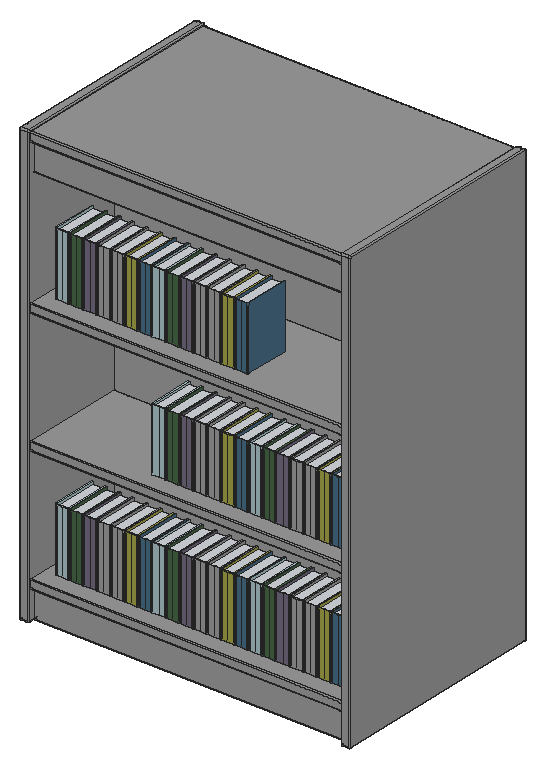
Revit family "Array 36x24x48", category Generic Models, Revit 2018
Family settings
  Can host rebar = No
  Round Connector Dimension = Use Diameter
  Part Type = Normal
  Work Plane-Based = No
  Always vertical = Yes
  Cut with Voids When Loaded = No
  Shared = No
  Room Calculation Point = No
Parameters
  Surface = Array Glider 36x24x48
Reference planes (in)
  plane 1 "Center (Front/Back)": y = 0
  plane 2: z = 0
  plane 3 "Center (Left/Right)": x = 0
Forms (in)
  Extrusion 1, solid, material "Array Glider 36x24x48" <- "Surface"
    sketch origin (0, 0, 6) x (0, 1, 0) y (0, 0, 1)
      loop
        line (11.875, 41.23662) -> (11.875, 42.00062)
        arc (11.875, 42.00062) -> (11.84044, 42.08405) -> (11.757, 42.11862) r 0.118
        line (11.757, 42.11862) -> (-11.757, 42.11862)
        arc (-11.757, 42.11862) -> (-11.84044, 42.08405) -> (-11.875, 42.00062) r 0.118
        line (-11.875, 42.00062) -> (-11.875, 41.23662)
        arc (-11.875, 41.23662) -> (-11.84044, 41.15318) -> (-11.757, 41.11862) r 0.118
        line (-11.757, 41.11862) -> (11.757, 41.11862)
        arc (11.757, 41.11862) -> (11.84044, 41.15318) -> (11.875, 41.23662) r 0.118
    from -17 to 17
  Extrusion 2, solid, material "Array Glider 36x24x48" <- "Surface"
    sketch origin (0, 0, -37.625) x (0, 1, 0) y (0, 0, 1)
      loop
        line (11.875, 41.23662) -> (11.875, 42.00062)
        arc (11.875, 42.00062) -> (11.84044, 42.08405) -> (11.757, 42.11862) r 0.118
        line (11.757, 42.11862) -> (-11.757, 42.11862)
        arc (-11.757, 42.11862) -> (-11.84044, 42.08405) -> (-11.875, 42.00062) r 0.118
        line (-11.875, 42.00062) -> (-11.875, 41.23662)
        arc (-11.875, 41.23662) -> (-11.84044, 41.15318) -> (-11.757, 41.11862) r 0.118
        line (-11.757, 41.11862) -> (11.757, 41.11862)
        arc (11.757, 41.11862) -> (11.84044, 41.15318) -> (11.875, 41.23662) r 0.118
    from -17 to 17
  Extrusion 3, solid, material "Array Glider 36x24x48" <- "Surface"
    sketch origin (0, 0, 6) x (0, 1, 0) y (0, 0, 1)
      loop
        line (-11.25, 41.11862) -> (-11.25, 37.98662)
        arc (-11.25, 37.98662) -> (-11.21544, 37.90318) -> (-11.132, 37.86862) r 0.118
        line (-11.132, 37.86862) -> (-10.368, 37.86862)
        arc (-10.368, 37.86862) -> (-10.28456, 37.90318) -> (-10.25, 37.98662) r 0.118
        line (-10.25, 37.98662) -> (-10.25, 41.11862) -> (-11.25, 41.11862)
    from -17 to 17
  Extrusion 4, solid, material "Array Glider 36x24x48" <- "Surface"
    sketch origin (0, 0, 6) x (0, -1, 0) y (0, 0, -1)
      loop
        line (-11.25, -41.11862) -> (-10.25, -41.11862) -> (-10.25, -37.98662)
        arc (-10.25, -37.98662) -> (-10.28456, -37.90318) -> (-10.368, -37.86862) r 0.118
        line (-10.368, -37.86862) -> (-11.132, -37.86862)
        arc (-11.132, -37.86862) -> (-11.21544, -37.90318) -> (-11.25, -37.98662) r 0.118
        line (-11.25, -37.98662) -> (-11.25, -41.11862)
    from -17 to 17
  Extrusion 5, solid, material "Array Glider 36x24x48" <- "Surface"
    sketch origin (0, 0, -37.625) x (0, 1, 0) y (0, 0, 1)
      loop
        line (-11.25, 41.11862) -> (-11.25, 37.98662)
        arc (-11.25, 37.98662) -> (-11.21544, 37.90318) -> (-11.132, 37.86862) r 0.118
        line (-11.132, 37.86862) -> (-10.368, 37.86862)
        arc (-10.368, 37.86862) -> (-10.28456, 37.90318) -> (-10.25, 37.98662) r 0.118
        line (-10.25, 37.98662) -> (-10.25, 41.11862) -> (-11.25, 41.11862)
    from -17 to 17
  Extrusion 6, solid, material "Array Glider 36x24x48" <- "Surface"
    sketch origin (0, 0, -37.625) x (0, -1, 0) y (0, 0, -1)
      loop
        line (-11.25, -41.11862) -> (-10.25, -41.11862) -> (-10.25, -37.98662)
        arc (-10.25, -37.98662) -> (-10.28456, -37.90318) -> (-10.368, -37.86862) r 0.118
        line (-10.368, -37.86862) -> (-11.132, -37.86862)
        arc (-11.132, -37.86862) -> (-11.21544, -37.90318) -> (-11.25, -37.98662) r 0.118
        line (-11.25, -37.98662) -> (-11.25, -41.11862)
    from -17 to 17
  Extrusion 7, solid, material "Array Glider 36x24x48" <- "Surface"
    sketch origin (0, 0, 0) x (0, 1, 0) y (0, 0, 1)
      loop
        line (0.375, 4.49362) -> (0.375, 47.11862) -> (-0.375, 47.11862) -> (-0.375, 4.49362) -> (0.375, 4.49362)
    from -17 to 17
  Extrusion 8, solid, material "Array Glider 36x24x48" <- "Surface"
    sketch origin (0, 0, -24.166) x (0, 1, 0) y (0, 0, 1)
      loop
        line (-0.375, 41.23662) -> (-0.375, 42.00062)
        arc (-0.375, 42.00062) -> (-0.40956, 42.08405) -> (-0.493, 42.11862) r 0.118
        line (-0.493, 42.11862) -> (-11.757, 42.11862)
        arc (-11.757, 42.11862) -> (-11.84044, 42.08405) -> (-11.875, 42.00062) r 0.118
        line (-11.875, 42.00062) -> (-11.875, 41.23662)
        arc (-11.875, 41.23662) -> (-11.84044, 41.15318) -> (-11.757, 41.11862) r 0.118
        line (-11.757, 41.11862) -> (-0.493, 41.11862)
        arc (-0.493, 41.11862) -> (-0.40956, 41.15318) -> (-0.375, 41.23662) r 0.118
    from -17 to 17
  Extrusion 9, solid, material "Array Glider 36x24x48" <- "Surface"
    sketch origin (0, 0, -24.166) x (0, -1, 0) y (0, 0, -1)
      loop
        arc (-0.375, -41.23662) -> (-0.40956, -41.15318) -> (-0.493, -41.11862) r 0.118
        line (-0.493, -41.11862) -> (-11.757, -41.11862)
        arc (-11.757, -41.11862) -> (-11.84044, -41.15318) -> (-11.875, -41.23662) r 0.118
        line (-11.875, -41.23662) -> (-11.875, -42.00062)
        arc (-11.875, -42.00062) -> (-11.84044, -42.08405) -> (-11.757, -42.11862) r 0.118
        line (-11.757, -42.11862) -> (-0.493, -42.11862)
        arc (-0.493, -42.11862) -> (-0.40956, -42.08405) -> (-0.375, -42.00062) r 0.118
        line (-0.375, -42.00062) -> (-0.375, -41.23662)
    from -17 to 17
  Revolve 10, solid, material "Array Gliders"
    sketch origin (0, -9.56264, 0) x (1, 0, 0) y (0, 0, 1)
      loop
        line (-15.31312, 0) -> (-14.97741, 0)
        arc (-14.97741, 0) -> (-14.96813, 0.01343) -> (-14.9733, 0.02891) r 0.01826
        line (-14.9733, 0.02891) -> (-15.1255, 0.18112) -> (-15.18869, 0.18112) -> (-15.18869, 1.17538) -> (-15.31312, 1.17538) -> (-15.31312, 0)
      axis (-15.31312, 0) -> (-15.31312, 1.17538)
    angle from 0 to 360
  Extrusion 11, solid, material "Array Gliders"
    sketch origin (0, 0, 0) x (1, 0, 0) y (0, 1, 0)
      loop
        line (-13.9375, -10.25) -> (-16, -8.1875) -> (-16, -10.25) -> (-13.9375, -10.25)
    from 0.24362 to 0.30612
  Extrusion 12, solid, material "Array Glider 36x24x48" <- "Surface"
    sketch origin (0, 0, 0) x (1, 0, 0) y (0, 0, 1)
      loop
        line (-17, 3.49362) -> (-17, 0.24362) -> (-16, 0.24362) -> (-16, 3.49362) -> (-17, 3.49362)
    from -10.25 to 10.25
  Extrusion 13, solid, material "Array Glider 36x24x48" <- "Surface"
    sketch origin (0, 0, 0) x (-1, 0, 0) y (0, 0, -1)
      loop
        line (-17, -3.49362) -> (-16, -3.49362) -> (-16, -0.24362) -> (-17, -0.24362) -> (-17, -3.49362)
    from -10.25 to 10.25
  Extrusion 14, solid, material "Array Glider 36x24x48" <- "Surface"
    sketch origin (0, 0, 43.625) x (-1, 0, 0) y (0, 0, -1)
      loop
        line (-17, -3.49362) -> (-16, -3.49362) -> (-16, -0.36162)
        arc (-16, -0.36162) -> (-16.03456, -0.27818) -> (-16.118, -0.24362) r 0.118
        line (-16.118, -0.24362) -> (-16.882, -0.24362)
        arc (-16.882, -0.24362) -> (-16.96544, -0.27818) -> (-17, -0.36162) r 0.118
        line (-17, -0.36162) -> (-17, -3.49362)
    from -10.25 to 10.25
  Extrusion 15, solid, material "Array Glider 36x24x48" <- "Surface"
    sketch origin (0, 0, 43.625) x (1, 0, 0) y (0, 0, 1)
      loop
        line (-17, 3.49362) -> (-17, 0.36162)
        arc (-17, 0.36162) -> (-16.96544, 0.27818) -> (-16.882, 0.24362) r 0.118
        line (-16.882, 0.24362) -> (-16.118, 0.24362)
        arc (-16.118, 0.24362) -> (-16.03456, 0.27818) -> (-16, 0.36162) r 0.118
        line (-16, 0.36162) -> (-16, 3.49362) -> (-17, 3.49362)
    from -10.25 to 10.25
  Revolve 16, solid, material "Array Gliders"
    sketch origin (0, 9.56264, 0) x (1, 0, 0) y (0, 0, -1)
      loop
        line (-15.31312, 0) -> (-15.31312, -1.17538) -> (-15.18869, -1.17538) -> (-15.18869, -0.18112) -> (-15.1255, -0.18112) -> (-14.9733, -0.02891)
        arc (-14.9733, -0.02891) -> (-14.96813, -0.01343) -> (-14.97741, 0) r 0.01826
        line (-14.97741, 0) -> (-15.31312, 0)
      axis (-15.31312, 0) -> (-15.31312, -1.17538)
    angle from 0 to 360
  Extrusion 17, solid, material "Array Gliders"
    sketch origin (0, 0, 0) x (1, 0, 0) y (0, 1, 0)
      loop
        line (-13.9375, 10.25) -> (-16, 10.25) -> (-16, 8.1875) -> (-13.9375, 10.25)
    from 0.24362 to 0.30612
  Revolve 18, solid, material "Array Gliders"
    sketch origin (0, -9.56264, 0) x (-1, 0, 0) y (0, 0, -1)
      loop
        line (-15.31312, 0) -> (-15.31312, -1.17538) -> (-15.18869, -1.17538) -> (-15.18869, -0.18112) -> (-15.1255, -0.18112) -> (-14.9733, -0.02891)
        arc (-14.9733, -0.02891) -> (-14.96813, -0.01343) -> (-14.97741, 0) r 0.01826
        line (-14.97741, 0) -> (-15.31312, 0)
      axis (-15.31312, 0) -> (-15.31312, -1.17538)
    angle from 0 to 360
  Extrusion 19, solid, material "Array Gliders"
    sketch origin (0, 0, 0) x (-1, 0, 0) y (0, -1, 0)
      loop
        line (-13.9375, 10.25) -> (-16, 10.25) -> (-16, 8.1875) -> (-13.9375, 10.25)
    from 0.24362 to 0.30612
  Revolve 20, solid, material "Array Gliders"
    sketch origin (0, 9.56264, 0) x (-1, 0, 0) y (0, 0, 1)
      loop
        line (-15.31312, 0) -> (-14.97741, 0)
        arc (-14.97741, 0) -> (-14.96813, 0.01343) -> (-14.9733, 0.02891) r 0.01826
        line (-14.9733, 0.02891) -> (-15.1255, 0.18112) -> (-15.18869, 0.18112) -> (-15.18869, 1.17538) -> (-15.31312, 1.17538) -> (-15.31312, 0)
      axis (-15.31312, 0) -> (-15.31312, 1.17538)
    angle from 0 to 360
  Extrusion 21, solid, material "Array Gliders"
    sketch origin (0, 0, 0) x (-1, 0, 0) y (0, -1, 0)
      loop
        line (-13.9375, -10.25) -> (-16, -8.1875) -> (-16, -10.25) -> (-13.9375, -10.25)
    from 0.24362 to 0.30612
  Extrusion 22, solid, material "Array Glider 36x24x48" <- "Surface"
    sketch origin (0, 0, -10.708) x (0, 1, 0) y (0, 0, 1)
      loop
        line (-0.375, 41.23662) -> (-0.375, 42.00062)
        arc (-0.375, 42.00062) -> (-0.40956, 42.08405) -> (-0.493, 42.11862) r 0.118
        line (-0.493, 42.11862) -> (-11.757, 42.11862)
        arc (-11.757, 42.11862) -> (-11.84044, 42.08405) -> (-11.875, 42.00062) r 0.118
        line (-11.875, 42.00062) -> (-11.875, 41.23662)
        arc (-11.875, 41.23662) -> (-11.84044, 41.15318) -> (-11.757, 41.11862) r 0.118
        line (-11.757, 41.11862) -> (-0.493, 41.11862)
        arc (-0.493, 41.11862) -> (-0.40956, 41.15318) -> (-0.375, 41.23662) r 0.118
    from -17 to 17
  Extrusion 23, solid, material "Array Glider 36x24x48" <- "Surface"
    sketch origin (0, 0, -10.708) x (0, -1, 0) y (0, 0, -1)
      loop
        arc (-0.375, -41.23662) -> (-0.40956, -41.15318) -> (-0.493, -41.11862) r 0.118
        line (-0.493, -41.11862) -> (-11.757, -41.11862)
        arc (-11.757, -41.11862) -> (-11.84044, -41.15318) -> (-11.875, -41.23662) r 0.118
        line (-11.875, -41.23662) -> (-11.875, -42.00062)
        arc (-11.875, -42.00062) -> (-11.84044, -42.08405) -> (-11.757, -42.11862) r 0.118
        line (-11.757, -42.11862) -> (-0.493, -42.11862)
        arc (-0.493, -42.11862) -> (-0.40956, -42.08405) -> (-0.375, -42.00062) r 0.118
        line (-0.375, -42.00062) -> (-0.375, -41.23662)
    from -17 to 17
  Sweep 24, solid, material "Array Glider 36x24x48" <- "Surface"
    path origin (0, 0, 0) x (0, 1, 0) y (0, 0, -1)
      loop
        line (-11.86124, -48.12562) -> (11.86124, -48.12562)
        arc (11.86124, -48.12562) -> (11.87592, -48.11954) -> (11.882, -48.10486) r 0.02076
        line (11.882, -48.10486) -> (11.882, -0.38237)
        arc (11.882, -0.38237) -> (11.87592, -0.36769) -> (11.86124, -0.36162) r 0.02076
        line (11.86124, -0.36162) -> (-11.86124, -0.36162)
        arc (-11.86124, -0.36162) -> (-11.87592, -0.36769) -> (-11.882, -0.38237) r 0.02076
        line (-11.882, -0.38237) -> (-11.882, -48.10486)
        arc (-11.882, -48.10486) -> (-11.87592, -48.11954) -> (-11.86124, -48.12562) r 0.02076
    profile origin (0, 0, 48.12562) x (0, 0, -1) y (-1, 0, 0)
      loop
        arc (0, -17) -> (-0.08344, -17.03456) -> (-0.118, -17.118) r 0.118
        line (-0.118, -17.118) -> (-0.118, -17.882)
        arc (-0.118, -17.882) -> (-0.08344, -17.96544) -> (0, -18) r 0.118
        line (0, -18) -> (0, -17)
  Sweep 25, solid, material "Array Glider 36x24x48" <- "Surface"
    path origin (0, 0, 0) x (0, 1, 0) y (0, 0, 1)
      loop
        arc (-11.86124, 48.12562) -> (-11.87592, 48.11954) -> (-11.882, 48.10486) r 0.02076
        line (-11.882, 48.10486) -> (-11.882, 0.38237)
        arc (-11.882, 0.38237) -> (-11.87592, 0.36769) -> (-11.86124, 0.36162) r 0.02076
        line (-11.86124, 0.36162) -> (11.86124, 0.36162)
        arc (11.86124, 0.36162) -> (11.87592, 0.36769) -> (11.882, 0.38237) r 0.02076
        line (11.882, 0.38237) -> (11.882, 48.10486)
        arc (11.882, 48.10486) -> (11.87592, 48.11954) -> (11.86124, 48.12562) r 0.02076
        line (11.86124, 48.12562) -> (-11.86124, 48.12562)
    profile origin (0, 0, 48.12562) x (0, 0, 1) y (1, 0, 0)
      loop
        line (0, -17) -> (0, -18)
        arc (0, -18) -> (0.08344, -17.96544) -> (0.118, -17.882) r 0.118
        line (0.118, -17.882) -> (0.118, -17.118)
        arc (0.118, -17.118) -> (0.08344, -17.03456) -> (0, -17) r 0.118
  Extrusion 26, solid, material "Array Glider 36x24x48" <- "Surface"
    sketch origin (0, 0, 0) x (0, 1, 0) y (0, 0, 1)
      loop
        arc (11.882, 48.10486) -> (11.87592, 48.11954) -> (11.86124, 48.12562) r 0.02076
        line (11.86124, 48.12562) -> (-11.86124, 48.12562)
        arc (-11.86124, 48.12562) -> (-11.87592, 48.11954) -> (-11.882, 48.10486) r 0.02076
        line (-11.882, 48.10486) -> (-11.882, 0.38237)
        arc (-11.882, 0.38237) -> (-11.87592, 0.36769) -> (-11.86124, 0.36162) r 0.02076
        line (-11.86124, 0.36162) -> (11.86124, 0.36162)
        arc (11.86124, 0.36162) -> (11.87592, 0.36769) -> (11.882, 0.38237) r 0.02076
        line (11.882, 0.38237) -> (11.882, 48.10486)
    from 17 to 18
  Extrusion 27, solid, material "Array Glider 36x24x48" <- "Surface"
    sketch origin (0, 0, 0) x (0, 1, 0) y (0, 0, -1)
      loop
        line (11.882, -48.10486) -> (11.882, -0.38237)
        arc (11.882, -0.38237) -> (11.87592, -0.36769) -> (11.86124, -0.36162) r 0.02076
        line (11.86124, -0.36162) -> (-11.86124, -0.36162)
        arc (-11.86124, -0.36162) -> (-11.87592, -0.36769) -> (-11.882, -0.38237) r 0.02076
        line (-11.882, -0.38237) -> (-11.882, -48.10486)
        arc (-11.882, -48.10486) -> (-11.87592, -48.11954) -> (-11.86124, -48.12562) r 0.02076
        line (-11.86124, -48.12562) -> (11.86124, -48.12562)
        arc (11.86124, -48.12562) -> (11.87592, -48.11954) -> (11.882, -48.10486) r 0.02076
    from 17 to 18
Dimensions and locks (in)
  aligned and locked: plane 2 to level
Nested families (in)
  nested 1: "Books" at (-4.5625, -9.875, 4.49362), type "Books"
  nested 2: "Books" at (-15.0625, -9.875, 4.49362), type "Books"
  nested 3: "Books" at (5.9375, -9.875, 4.49362), type "Books"
  nested 4: "Books" at (-4.5625, -9.875, 17.95262), type "Books"
  nested 5: "Books" at (5.9375, -9.875, 17.95262), type "Books"
  nested 6: "Books" at (-4.5625, -9.875, 31.41062), type "Books"
  nested 7: "Books" at (-15.0625, -9.875, 31.41062), type "Books"
  nested 8: "Books" at (-4.5625, 9.875, 4.49362), type "Books"
  nested 9: "Books" at (-15.0625, 9.875, 4.49362), type "Books"
  nested 10: "Books" at (5.9375, 9.875, 4.49362), type "Books"
  nested 11: "Books" at (-4.5625, 9.875, 17.95262), type "Books"
  nested 12: "Books" at (5.9375, 9.875, 17.95262), type "Books"
  nested 13: "Books" at (-4.5625, 9.875, 31.41062), type "Books"
  nested 14: "Books" at (-15.0625, 9.875, 31.41062), type "Books"
Definition of nested family "Books"
  Reference planes (in)
    plane 1 "Center (Front/Back)": y = 0
    plane 2: z = 0
    plane 3 "Center (Left/Right)": x = 0
    plane 4: z = 0.125
    plane 5: z = 10.875
    plane 6: z = 8.875
    plane 7: y = 1
    plane 8: y = 6
    plane 9: y = 5
    plane 10: z = 6.875
  Forms (in)
    Extrusion 1, solid
      sketch origin (0, 0, 0) x (1, 0, 0) y (0, 1, 0)
        loop
          line (-0.75, 5) -> (-0.75, 0.16705)
          arc (-0.75, 0.16705) -> (-0.70136, 0.11841) -> (-0.75, 0.06977) r 0.04864
          arc (-0.75, 0.06977) -> (-0.71934, 0.01698) -> (-0.66069, 0) r 0.082
          line (-0.66069, 0) -> (0, 0) -> (0.66069, 0)
          arc (0.66069, 0) -> (0.71934, 0.01698) -> (0.75, 0.06977) r 0.082
          arc (0.75, 0.06977) -> (0.70136, 0.11841) -> (0.75, 0.16705) r 0.04864
          line (0.75, 0.16705) -> (0.75, 5) -> (0.6254, 5) -> (0.6254, 0.12848)
          arc (0.6254, 0.12848) -> (0.6041, 0.08281) -> (0.55544, 0.06977) r 0.05961
          line (0.55544, 0.06977) -> (0, 0.06977) -> (-0.55544, 0.06977)
          arc (-0.55544, 0.06977) -> (-0.6041, 0.08281) -> (-0.6254, 0.12848) r 0.05961
          line (-0.6254, 0.12848) -> (-0.6254, 5) -> (-0.75, 5)
      from 0 to 6.875
    Extrusion 2, solid
      sketch origin (-4.75, -180, 0.125) x (-1, 0, 0) y (0, -1, 0)
        loop
          line (-4.1246, -184.88306) -> (-4.1246, -180.13971) -> (-5.3754, -180.13971) -> (-5.3754, -184.88306) -> (-4.1246, -184.88306)
      from 0 to 6.57025
    Extrusion 3, solid
      sketch origin (1.5, 0, 0) x (1, 0, 0) y (0, 1, 0)
        loop
          line (-0.75, 5) -> (-0.75, 0.16705)
          arc (-0.75, 0.16705) -> (-0.70136, 0.11841) -> (-0.75, 0.06977) r 0.04864
          arc (-0.75, 0.06977) -> (-0.71934, 0.01698) -> (-0.66069, 0) r 0.082
          line (-0.66069, 0) -> (0, 0) -> (0.66069, 0)
          arc (0.66069, 0) -> (0.71934, 0.01698) -> (0.75, 0.06977) r 0.082
          arc (0.75, 0.06977) -> (0.70136, 0.11841) -> (0.75, 0.16705) r 0.04864
          line (0.75, 0.16705) -> (0.75, 5) -> (0.6254, 5) -> (0.6254, 0.12848)
          arc (0.6254, 0.12848) -> (0.6041, 0.08281) -> (0.55544, 0.06977) r 0.05961
          line (0.55544, 0.06977) -> (0, 0.06977) -> (-0.55544, 0.06977)
          arc (-0.55544, 0.06977) -> (-0.6041, 0.08281) -> (-0.6254, 0.12848) r 0.05961
          line (-0.6254, 0.12848) -> (-0.6254, 5) -> (-0.75, 5)
      from 0 to 6.875
    Extrusion 4, solid
      sketch origin (-3.25, -180, 0.125) x (-1, 0, 0) y (0, -1, 0)
        loop
          line (-4.1246, -184.88306) -> (-4.1246, -180.13971) -> (-5.3754, -180.13971) -> (-5.3754, -184.88306) -> (-4.1246, -184.88306)
      from 0 to 6.57025
    Extrusion 5, solid
      sketch origin (3, 0, 0) x (1, 0, 0) y (0, 1, 0)
        loop
          line (-0.75, 5) -> (-0.75, 0.16705)
          arc (-0.75, 0.16705) -> (-0.70136, 0.11841) -> (-0.75, 0.06977) r 0.04864
          arc (-0.75, 0.06977) -> (-0.71934, 0.01698) -> (-0.66069, 0) r 0.082
          line (-0.66069, 0) -> (0, 0) -> (0.66069, 0)
          arc (0.66069, 0) -> (0.71934, 0.01698) -> (0.75, 0.06977) r 0.082
          arc (0.75, 0.06977) -> (0.70136, 0.11841) -> (0.75, 0.16705) r 0.04864
          line (0.75, 0.16705) -> (0.75, 5) -> (0.6254, 5) -> (0.6254, 0.12848)
          arc (0.6254, 0.12848) -> (0.6041, 0.08281) -> (0.55544, 0.06977) r 0.05961
          line (0.55544, 0.06977) -> (0, 0.06977) -> (-0.55544, 0.06977)
          arc (-0.55544, 0.06977) -> (-0.6041, 0.08281) -> (-0.6254, 0.12848) r 0.05961
          line (-0.6254, 0.12848) -> (-0.6254, 5) -> (-0.75, 5)
      from 0 to 6.875
    Extrusion 6, solid
      sketch origin (-1.75, -180, 0.125) x (-1, 0, 0) y (0, -1, 0)
        loop
          line (-4.1246, -184.88306) -> (-4.1246, -180.13971) -> (-5.3754, -180.13971) -> (-5.3754, -184.88306) -> (-4.1246, -184.88306)
      from 0 to 6.57025
    Extrusion 7, solid
      sketch origin (4.5, 0, 0) x (1, 0, 0) y (0, 1, 0)
        loop
          line (-0.75, 5) -> (-0.75, 0.16705)
          arc (-0.75, 0.16705) -> (-0.70136, 0.11841) -> (-0.75, 0.06977) r 0.04864
          arc (-0.75, 0.06977) -> (-0.71934, 0.01698) -> (-0.66069, 0) r 0.082
          line (-0.66069, 0) -> (0, 0) -> (0.66069, 0)
          arc (0.66069, 0) -> (0.71934, 0.01698) -> (0.75, 0.06977) r 0.082
          arc (0.75, 0.06977) -> (0.70136, 0.11841) -> (0.75, 0.16705) r 0.04864
          line (0.75, 0.16705) -> (0.75, 5) -> (0.6254, 5) -> (0.6254, 0.12848)
          arc (0.6254, 0.12848) -> (0.6041, 0.08281) -> (0.55544, 0.06977) r 0.05961
          line (0.55544, 0.06977) -> (0, 0.06977) -> (-0.55544, 0.06977)
          arc (-0.55544, 0.06977) -> (-0.6041, 0.08281) -> (-0.6254, 0.12848) r 0.05961
          line (-0.6254, 0.12848) -> (-0.6254, 5) -> (-0.75, 5)
      from 0 to 6.875
    Extrusion 8, solid
      sketch origin (-0.25, -180, 0.125) x (-1, 0, 0) y (0, -1, 0)
        loop
          line (-4.1246, -184.88306) -> (-4.1246, -180.13971) -> (-5.3754, -180.13971) -> (-5.3754, -184.88306) -> (-4.1246, -184.88306)
      from 0 to 6.57025
    Extrusion 9, solid
      sketch origin (6, 0, 0) x (1, 0, 0) y (0, 1, 0)
        loop
          line (-0.75, 5) -> (-0.75, 0.16705)
          arc (-0.75, 0.16705) -> (-0.70136, 0.11841) -> (-0.75, 0.06977) r 0.04864
          arc (-0.75, 0.06977) -> (-0.71934, 0.01698) -> (-0.66069, 0) r 0.082
          line (-0.66069, 0) -> (0, 0) -> (0.66069, 0)
          arc (0.66069, 0) -> (0.71934, 0.01698) -> (0.75, 0.06977) r 0.082
          arc (0.75, 0.06977) -> (0.70136, 0.11841) -> (0.75, 0.16705) r 0.04864
          line (0.75, 0.16705) -> (0.75, 5) -> (0.6254, 5) -> (0.6254, 0.12848)
          arc (0.6254, 0.12848) -> (0.6041, 0.08281) -> (0.55544, 0.06977) r 0.05961
          line (0.55544, 0.06977) -> (0, 0.06977) -> (-0.55544, 0.06977)
          arc (-0.55544, 0.06977) -> (-0.6041, 0.08281) -> (-0.6254, 0.12848) r 0.05961
          line (-0.6254, 0.12848) -> (-0.6254, 5) -> (-0.75, 5)
      from 0 to 6.875
    Extrusion 10, solid
      sketch origin (1.25, -180, 0.125) x (-1, 0, 0) y (0, -1, 0)
        loop
          line (-4.1246, -184.88306) -> (-4.1246, -180.13971) -> (-5.3754, -180.13971) -> (-5.3754, -184.88306) -> (-4.1246, -184.88306)
      from 0 to 6.57025
    Extrusion 11, solid
      sketch origin (7.5, 0, 0) x (1, 0, 0) y (0, 1, 0)
        loop
          line (-0.75, 5) -> (-0.75, 0.16705)
          arc (-0.75, 0.16705) -> (-0.70136, 0.11841) -> (-0.75, 0.06977) r 0.04864
          arc (-0.75, 0.06977) -> (-0.71934, 0.01698) -> (-0.66069, 0) r 0.082
          line (-0.66069, 0) -> (0, 0) -> (0.66069, 0)
          arc (0.66069, 0) -> (0.71934, 0.01698) -> (0.75, 0.06977) r 0.082
          arc (0.75, 0.06977) -> (0.70136, 0.11841) -> (0.75, 0.16705) r 0.04864
          line (0.75, 0.16705) -> (0.75, 5) -> (0.6254, 5) -> (0.6254, 0.12848)
          arc (0.6254, 0.12848) -> (0.6041, 0.08281) -> (0.55544, 0.06977) r 0.05961
          line (0.55544, 0.06977) -> (0, 0.06977) -> (-0.55544, 0.06977)
          arc (-0.55544, 0.06977) -> (-0.6041, 0.08281) -> (-0.6254, 0.12848) r 0.05961
          line (-0.6254, 0.12848) -> (-0.6254, 5) -> (-0.75, 5)
      from 0 to 6.875
    Extrusion 12, solid
      sketch origin (2.75, -180, 0.125) x (-1, 0, 0) y (0, -1, 0)
        loop
          line (-4.1246, -184.88306) -> (-4.1246, -180.13971) -> (-5.3754, -180.13971) -> (-5.3754, -184.88306) -> (-4.1246, -184.88306)
      from 0 to 6.57025
    Extrusion 13, solid
      sketch origin (9, 0, 0) x (1, 0, 0) y (0, 1, 0)
        loop
          line (-0.75, 5) -> (-0.75, 0.16705)
          arc (-0.75, 0.16705) -> (-0.70136, 0.11841) -> (-0.75, 0.06977) r 0.04864
          arc (-0.75, 0.06977) -> (-0.71934, 0.01698) -> (-0.66069, 0) r 0.082
          line (-0.66069, 0) -> (0, 0) -> (0.66069, 0)
          arc (0.66069, 0) -> (0.71934, 0.01698) -> (0.75, 0.06977) r 0.082
          arc (0.75, 0.06977) -> (0.70136, 0.11841) -> (0.75, 0.16705) r 0.04864
          line (0.75, 0.16705) -> (0.75, 5) -> (0.6254, 5) -> (0.6254, 0.12848)
          arc (0.6254, 0.12848) -> (0.6041, 0.08281) -> (0.55544, 0.06977) r 0.05961
          line (0.55544, 0.06977) -> (0, 0.06977) -> (-0.55544, 0.06977)
          arc (-0.55544, 0.06977) -> (-0.6041, 0.08281) -> (-0.6254, 0.12848) r 0.05961
          line (-0.6254, 0.12848) -> (-0.6254, 5) -> (-0.75, 5)
      from 0 to 6.875
    Extrusion 14, solid
      sketch origin (4.25, -180, 0.125) x (-1, 0, 0) y (0, -1, 0)
        loop
          line (-4.1246, -184.88306) -> (-4.1246, -180.13971) -> (-5.3754, -180.13971) -> (-5.3754, -184.88306) -> (-4.1246, -184.88306)
      from 0 to 6.57025
  Lines and regions (in)
    model lines
      curve 1: line (-0.3754, 4.88306, 6.69525) -> (-0.3754, 0.13971, 6.69525)
      curve 2: line (-0.1254, 4.88306, 6.69525) -> (-0.1254, 0.13971, 6.69525)
      curve 3: line (0.1246, 4.88306, 6.69525) -> (0.1246, 0.13971, 6.69525)
      curve 4: line (0.3746, 4.88306, 6.69525) -> (0.3746, 0.13971, 6.69525)
      curve 5: line (1.1246, 4.88306, 6.69525) -> (1.1246, 0.13971, 6.69525)
      curve 6: line (1.3746, 4.88306, 6.69525) -> (1.3746, 0.13971, 6.69525)
      curve 7: line (1.6246, 4.88306, 6.69525) -> (1.6246, 0.13971, 6.69525)
      curve 8: line (1.8746, 4.88306, 6.69525) -> (1.8746, 0.13971, 6.69525)
      curve 9: line (2.6246, 4.88306, 6.69525) -> (2.6246, 0.13971, 6.69525)
      curve 10: line (2.8746, 4.88306, 6.69525) -> (2.8746, 0.13971, 6.69525)
      curve 11: line (3.1246, 4.88306, 6.69525) -> (3.1246, 0.13971, 6.69525)
      curve 12: line (3.3746, 4.88306, 6.69525) -> (3.3746, 0.13971, 6.69525)
      curve 13: line (4.1246, 4.88306, 6.69525) -> (4.1246, 0.13971, 6.69525)
      curve 14: line (4.3746, 4.88306, 6.69525) -> (4.3746, 0.13971, 6.69525)
      curve 15: line (4.6246, 4.88306, 6.69525) -> (4.6246, 0.13971, 6.69525)
      curve 16: line (4.8746, 4.88306, 6.69525) -> (4.8746, 0.13971, 6.69525)
      curve 17: line (5.6246, 4.88306, 6.69525) -> (5.6246, 0.13971, 6.69525)
      curve 18: line (5.8746, 4.88306, 6.69525) -> (5.8746, 0.13971, 6.69525)
      curve 19: line (6.1246, 4.88306, 6.69525) -> (6.1246, 0.13971, 6.69525)
      curve 20: line (6.3746, 4.88306, 6.69525) -> (6.3746, 0.13971, 6.69525)
      curve 21: line (7.1246, 4.88306, 6.69525) -> (7.1246, 0.13971, 6.69525)
      curve 22: line (7.3746, 4.88306, 6.69525) -> (7.3746, 0.13971, 6.69525)
      curve 23: line (7.6246, 4.88306, 6.69525) -> (7.6246, 0.13971, 6.69525)
      curve 24: line (7.8746, 4.88306, 6.69525) -> (7.8746, 0.13971, 6.69525)
      curve 25: line (8.6246, 4.88306, 6.69525) -> (8.6246, 0.13971, 6.69525)
      curve 26: line (8.8746, 4.88306, 6.69525) -> (8.8746, 0.13971, 6.69525)
      curve 27: line (9.1246, 4.88306, 6.69525) -> (9.1246, 0.13971, 6.69525)
      curve 28: line (9.3746, 4.88306, 6.69525) -> (9.3746, 0.13971, 6.69525)
